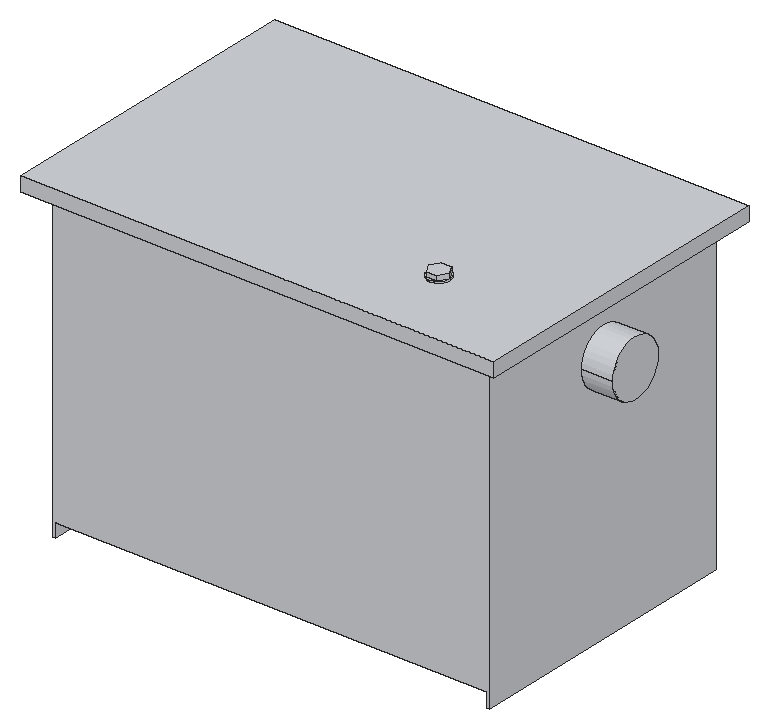
Revit family "MI-G-SS", category Pipe Accessories, Revit 2018
Family settings
  Round Connector Dimension = Use Diameter
  Part Type = Normal
  Work Plane-Based = No
  Always vertical = Yes
  Cut with Voids When Loaded = No
  Shared = No
Parameters (values of type "MI-G-0-SS")
  URL = "WWW.MIFAB.COM"
  Model = "MI-G-SS"
  Manufacturer = "MIFAB"
  F = 2"
  E-Height = 11"
  Description = "4 TO 50 G.P.M. STAINLESS STEEL GREASE INTERCEPTOR"
  C-Pipe Offset = 2.5"
  B-Length = 11.25"
  A-Width = 16.75"
Types (9): name | F | E-Height | C-Pipe Offset | B-Length | A-Width
  (no name) | 2" | 11" | 2.5" | 11.25" | 16.75"
  MI-G-0-SS | 2" | 11" | 2.5" | 11.25" | 16.75"
  MI-G-1-SS | 2" | 12" | 3.5" | 13.75" | 17.75"
  MI-G-2-SS | 2" | 13" | 3.5" | 15.75" | 21.25"
  MI-G-3-SS | 2" | 15" | 3.5" | 15.75" | 23.75"
  MI-G-4-SS | 3" | 17.5" | 3.5" | 15.75" | 23.75"
  MI-G-5-SS | 3" | 17.5" | 3.5" | 18.75" | 27.75"
  MI-G-6-SS | 3" | 22" | 5.5" | 23.75" | 31.25"
  MI-G-7-SS | 3" | 24" | 5.5" | 23.75" | 31.25"
Reference planes (in)
  plane 1 "Center (Front/Back)": y = 0
  plane 2: z = 0
  plane 3 "Center (Left/Right)": x = 0
  plane 4: x = -8.375
  plane 5: x = 8.375
  plane 6: y = 5.625
  plane 7: y = -5.625
  plane 8: z = 11
  plane 9: z = 10.48819
  plane 10: z = 10.88189
  plane 11: z = 0.11719
  plane 12: z = 8.5
  plane 13: x = 8.875
  plane 14: z = -0.5
  plane 15: y = 4.99508
  plane 16: y = -4.99508
  plane 17: x = -8.875
Forms (in)
  Sweep 1, solid
    path origin (0, 0, 0) x (1, 0, 0) y (0, 1, 0)
      loop
        line (8.375, 5.625) -> (-8.375, 5.625) -> (-8.375, -5.625) -> (8.375, -5.625) -> (8.375, 5.625)
    profile origin (8.375, 0, 0) x (1, 0, 0) y (0, 0, 1)
      loop
        line (0, 11) -> (-0.74803, 11) -> (-0.74803, 10.48819) -> (0, 10.48819) -> (0, 11)
  Extrusion 2, solid
    sketch origin (0, 0, 0) x (1, 0, 0) y (0, 1, 0)
      loop
        line (-7.62697, 4.87697) -> (-7.62697, -4.87697) -> (7.62697, -4.87697) -> (7.62697, 4.87697) -> (-7.62697, 4.87697)
    from 10.88189 to 11
  Sweep 3, solid
    path origin (0, 0, 0) x (1, 0, 0) y (0, 1, 0)
      loop
        line (8.375, 5.625) -> (-8.375, 5.625) -> (-8.375, -5.625) -> (8.375, -5.625) -> (8.375, 5.625)
    profile origin (8.375, 0, 0) x (1, 0, 0) y (0, 0, 1)
      loop
        line (-0.74803, 10.48819) -> (-0.74803, 0) -> (-0.62992, 0) -> (-0.62992, 10.48819) -> (-0.74803, 10.48819)
  Extrusion 4, solid
    sketch origin (0, 0, 0) x (1, 0, 0) y (0, 1, 0)
      loop
        line (-7.62697, 4.87697) -> (-7.62697, -4.87697) -> (7.62697, -4.87697) -> (7.62697, 4.87697) -> (-7.62697, 4.87697)
    from 0 to 0.11719
  Extrusion 5, solid
    sketch origin (0, 0, 0) x (0, 1, 0) y (0, 0, 1)
      loop
        circle (0, 8.5) r 1
    from 7.74508 to 8.875
  Extrusion 6, solid
    sketch origin (0, 0, 0) x (1, 0, 0) y (0, 0, 1)
      loop
        line (7.74508, 0) -> (7.62697, 0) -> (7.62697, -0.5) -> (7.74508, -0.5) -> (7.74508, 0)
    from -4.99508 to 4.99508
  Extrusion 7, solid
    sketch origin (0, 0, 0) x (1, 0, 0) y (0, 0, 1)
      loop
        line (-7.74508, 0) -> (-7.74508, -0.5) -> (-7.62697, -0.5) -> (-7.62697, 0) -> (-7.74508, 0)
    from -4.99508 to 4.99508
  Extrusion 8, solid
    sketch origin (-7.74508, -4.99508, 10.48819) x (0, 1, 0) y (0, 0, -1)
      loop
        circle (4.99508, 1.98819) r 1
    from 0 to 1.12992
Cuts and joins
  joined: Sweep 1, Extrusion 2
  joined: Sweep 3, Extrusion 4, Extrusion 6, Extrusion 7
Dimensions and locks (in)
  equal spacing: plane 4, plane 3 "Center (Left/Right)", plane 5
  "A-Width": plane 4 to plane 5
  equal spacing: plane 7, plane 1 "Center (Front/Back)", plane 6
  "B-Length": plane 7 to plane 6
  "E-Height": plane 8 to level
  locked: Sweep 1 sketch curve to plane 5 at 0.74803
  locked: plane 8 to plane 9 at 0.51181
  locked: plane 8 to plane 10 at 0.11811
  plane 5 to Sweep 3 sketch curve to Sweep 3 sketch curve = 0.62992" locked, 0.11811" locked
  locked: plane 11 to level at 0.11719
  "C-Pipe Offset": plane 8 to plane 12
  plane 5 to plane 13 = 0.5"
  locked: level to plane 14 at 0.5
  equal spacing: plane 3 "Center (Left/Right)", nested 1, plane 5
  equal spacing: plane 7, nested 1, plane 1 "Center (Front/Back)"
  locked: plane 16 to plane 7 at 0.62992
  locked: plane 6 to plane 15 at 0.62992
  locked: plane 17 to plane 4 at 0.5
  "F": diameter of Extrusion 5 sketch curve
  "F": diameter of Extrusion 8 sketch curve
  aligned and locked: level to plane 2
  aligned and locked: plane 5 to Sweep 1 sketch curve
  aligned and locked: Sweep 1 sketch curve to plane 6
  aligned and locked: Sweep 1 sketch curve to plane 4
  aligned and locked: plane 7 to Sweep 1 sketch curve
  aligned and locked: Sweep 1 sketch curve to plane 5
  aligned and locked: plane 9 to Sweep 1 sketch curve
  aligned and locked: Extrusion 2 sketch curve to Sweep 1  (x4)
  aligned and locked: plane 8 to Extrusion 2
  aligned and locked: Extrusion 2 to plane 10
  aligned and locked: plane 5 to Sweep 3 sketch curve
  aligned and locked: Sweep 3 sketch curve to plane 6
  aligned and locked: Sweep 3 sketch curve to plane 4
  aligned and locked: plane 7 to Sweep 3 sketch curve
  aligned and locked: cut or joined group of Sweep 1, Extrusion 2 to Sweep 3 sketch curve
  aligned and locked: profile plane to Sweep 3 sketch curve
  aligned and locked: Extrusion 4 sketch curve to cut or joined group of Sweep 1, Extrusion 2  (x4)
  aligned and locked: Extrusion 4 to level
  aligned and locked: plane 11 to Extrusion 4
  aligned and locked: plane 12 to Extrusion 5 sketch curve
  aligned and locked: plane 1 "Center (Front/Back)" to Extrusion 5 sketch curve
  aligned and locked: Extrusion 5 to Sweep 3
  aligned and locked: plane 13 to Extrusion 5
  aligned and locked: Extrusion 6 sketch curve to Extrusion 4
  aligned and locked: plane 14 to Extrusion 7 sketch curve
  aligned and locked: plane 15 to cut or joined group of Sweep 3, Extrusion 4, Extrusion 6, Extrusion 7
  aligned and locked: cut or joined group of Sweep 3, Extrusion 4, Extrusion 6, Extrusion 7 to plane 15  (x2)
  aligned and locked: plane 16 to cut or joined group of Sweep 3, Extrusion 4, Extrusion 6, Extrusion 7
  aligned and locked: cut or joined group of Sweep 3, Extrusion 4, Extrusion 6, Extrusion 7 to plane 16
  aligned and locked: plane 8 to nested 1
  aligned and locked: plane 12 to Extrusion 8 sketch curve
  aligned and locked: plane 1 "Center (Front/Back)" to Extrusion 8 sketch curve
  aligned and locked: Extrusion 8 to cut or joined group of Sweep 3, Extrusion 4, Extrusion 6, Extrusion 7
  aligned and locked: plane 17 to Extrusion 8
Automatic sketch dimensions
  plane 9 to Sweep 1 sketch curve = 0.51181"
  Extrusion 6 sketch curve to level = 0"
  Extrusion 6 sketch curve to plane 14 = 0"
  Extrusion 6 sketch curve to Extrusion 6 sketch curve = 0.11811"
  Extrusion 7 sketch curve to level = 0"
  plane 4 to Extrusion 7 sketch curve = 0.62992"
  Extrusion 7 sketch curve to Extrusion 7 sketch curve = 0.11811"
Nested families (in)
  nested 1: "Bolt-01" at (4.1875, -3.8125, 9.71792), type "M20"
Connectors (in)
  piping at (8.875, 0, 8.5), diameter 2, driven by "F"
    settings: on Extrusion 5, index 1, connector inside diameter 609.6 mm, connector length 0", flow factor 0, pipe flow 0.0 L/s, pressure drop 0.0 Pa, fitting loss kfactor 0, connector angle 0.00°, fixture units 0, engagement length 0", angle of deflection 0.00°, flow configuration 0, flow direction 2, fitting loss method 0, system type 16, joint type 0, gender type 0, connector reference index -1, connector utility 0, adjustable connector no, is connector primary yes, connector description ""
  piping at (-8.875, 0, 8.5), diameter 2, driven by "F"
    settings: on Extrusion 8, index 2, connector inside diameter 609.6 mm, connector length 0", flow factor 0, pipe flow 0.0 L/s, pressure drop 0.0 Pa, fitting loss kfactor 0, connector angle 0.00°, fixture units 0, engagement length 0", angle of deflection 0.00°, flow configuration 0, flow direction 0, fitting loss method 0, system type 7, joint type 0, gender type 0, connector reference index -1, connector utility 0, adjustable connector no, is connector primary no, connector description ""
Definition of nested family "Bolt-01"
  Parameters (values of type "M20")
    r = D / 2  # 0.3937"
    T = 1.37795"
    L = 1"
    HN = 0.73622"
    H = 0.4685"
    F = 1.25197"
    D = 0.7874"
    Assembly Code = ""
  Types (10): name | r | T | HN | H | F | D
    M20 | 0.3937" | 1.37795" | 0.73622" | 0.4685" | 1.25197" | 0.7874"
    M22 | 0.43307" | 1.5" | 0.85827" | 0.54724" | 1.43701" | 0.86614"
    M16 | 0.31496" | 1.25197" | 0.61024" | 0.38976" | 1.06299" | 0.62992"
    M12 | 0.23622" | 1" | 0.48425" | 0.31102" | 0.87402" | 0.47244"
    M24 | 0.47244" | 1.62598" | 0.98425" | 0.61024" | 1.62598" | 0.94488"
    M33 | 0.64961" | 2.25197" | 0.84252" | 0.84252" | 2.18898" | 1.29921"
    M27 | 0.5315" | 2" | 1.11024" | 0.68898" | 1.81102" | 1.06299"
    M30 | 0.59055" | 2" | 1.22047" | 0.77953" | 2" | 1.1811"
    M36 | 0.70866" | 2.25197" | 1.4685" | 0.93701" | 2.37402" | 1.41732"
    M14 | 0.27559" | 1.25197" | 0.61024" | 0.38976" | 1.06299" | 0.55118"
  Reference planes (in)
    plane 1: z = 0
    plane 2 "Center (Left/Right)": x = 0
    plane 3: y = 1
    plane 4: x = -0.62598
    plane 5: x = 0.62598
    plane 6: y = 0.68504
    plane 7: y = 1.31496
    plane 8: z = 1.50465
    plane 9: z = 1.28208
    plane 10: z = 1.32017
  Forms (in)
    Extrusion 1, solid
      sketch origin (0, 1, 2.37795) x (1, 0, 0) y (0, 1, 0)
        loop
          circle (0, 0) r 0.17717
      from -2.37795 to -1.09587
    Extrusion 2, solid
      sketch origin (0, 1, 2.37795) x (1, 0, 0) y (0, 1, 0)
        loop
          line (-0.18184, -0.31496) -> (0.18184, -0.31496) -> (0.36369, 0) -> (0.18184, 0.31496) -> (-0.18184, 0.31496) -> (-0.36369, 0) -> (-0.18184, -0.31496)
      from -1.05778 to -0.8733
    Extrusion 3, solid
      sketch origin (0, 0, 0) x (1, 0, 0) y (0, 1, 0)
        loop
          circle (0, 1) r 0.3937
      from 1.28208 to 1.32017
  Dimensions and locks (in)
    "F": plane 5 to plane 4
    equal spacing: plane 7, plane 3, plane 6
    plane 8 to plane 1 = 1.50465"
    locked: plane 8 to plane 9 at 0.22257
    locked: plane 10 to plane 9 at 0.03809
    aligned and locked: Extrusion 3 to Extrusion 2
    aligned and locked: Extrusion 1 to Extrusion 3
    aligned and locked: Extrusion 1 to level
    aligned and locked: plane 9 to Extrusion 3
    aligned and locked: plane 10 to Extrusion 3
    aligned and locked: Extrusion 2 to plane 10
    aligned and locked: plane 8 to Extrusion 2
  Automatic sketch dimensions
    Extrusion 2 sketch curve to plane 3 = 0"  (x2)
    plane 6 to Extrusion 2 sketch curve = 0"
    Extrusion 2 sketch curve to plane 7 = 0"
    plane 4 to Extrusion 2 sketch curve = 0.2623"
    Extrusion 2 sketch curve to plane 2 "Center (Left/Right)" = 0.18184"  (x2)
    plane 2 "Center (Left/Right)" to Extrusion 2 sketch curve = 0.18184"  (x2)
    Extrusion 2 sketch curve to plane 5 = 0.2623"
    Extrusion 3 sketch curve to plane 2 "Center (Left/Right)" = 0"
    Extrusion 3 sketch curve to plane 3 = 0"
    Extrusion 1 sketch curve to plane 2 "Center (Left/Right)" = 0"
    Extrusion 1 sketch curve to plane 3 = 0"
    radius of Extrusion 3 sketch curve = 0.3937"
    radius of Extrusion 1 sketch curve = 0.17717"
